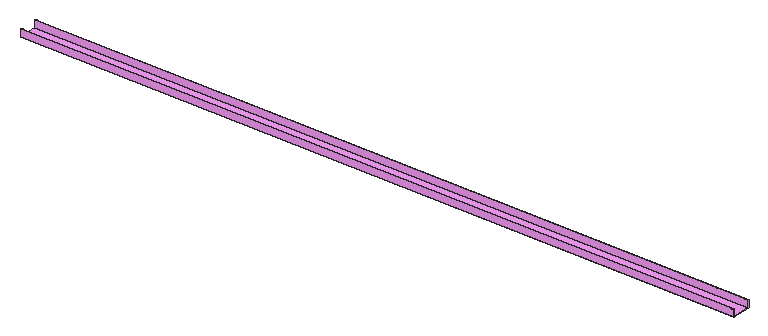
Revit family "GW_下部WR-100ランナー t=0.8", category 一般モデル, Revit 2021
Family settings
  鉄筋をホスト可能 = いいえ
  丸型コネクタ寸法 = 直径を使用
  パーツ タイプ = 標準
  作業面ベース = いいえ
  常に垂直 = はい
  ロード時にボイドで切り取り = いいえ
  共有 = いいえ
  部屋計算ポイント = いいえ
Parameters
  長さ [instance] = 4000.0 mm
  製造元 = "双日建材株式会社"
  既定の高さ = 0.0 mm
  マテリアル = ランナーt=0.8
  t = 0.8 mm
  H = 102.0 mm
  A = 40.0 mm
Reference planes
  plane 1 "中心(正面/背面)": y = 0
  plane 2: z = 0
  plane 3 "中心(左/右)": x = 0
  plane 4: y = 51
  plane 5: y = -51
  plane 6: y = -50.2
  plane 7: y = 50.2
  plane 8: z = 40
  plane 9: x = 4000
  plane 10: z = 0.8
Forms (mm)
  Extrusion 1, solid, material "ランナーt=0.8" <- "マテリアル"
    sketch origin (0, 0, 0) x (0, 1, 0) y (0, 0, 1)
      loop
        line (-50.2, 0.8) -> (-50.2, 40) -> (-51, 40) -> (-51, 0) -> (51, 0) -> (51, 40) -> (50.2, 40) -> (50.2, 0.8) -> (-50.2, 0.8)
    from 0 to 4000
Dimensions and locks
  "H": plane 5 to plane 4
  equal spacing: plane 5, plane 1 "中心(正面/背面)", plane 4
  "A": plane 8 to level
  "t": plane 7 to plane 4
  "t": plane 5 to plane 6
  "長さ": plane 3 "中心(左/右)" to plane 9
  "t": plane 10 to level
  aligned and locked: level to plane 2
  aligned and locked: plane 8 to Extrusion 1 sketch curve  (x2)
  aligned and locked: Extrusion 1 sketch curve to plane 4
  aligned and locked: plane 7 to Extrusion 1 sketch curve
  aligned and locked: plane 10 to Extrusion 1 sketch curve
  aligned and locked: Extrusion 1 sketch curve to level
  aligned and locked: Extrusion 1 sketch curve to plane 6
  aligned and locked: plane 5 to Extrusion 1 sketch curve
  aligned and locked: Extrusion 1 to plane 3 "中心(左/右)"
  aligned and locked: plane 9 to Extrusion 1
